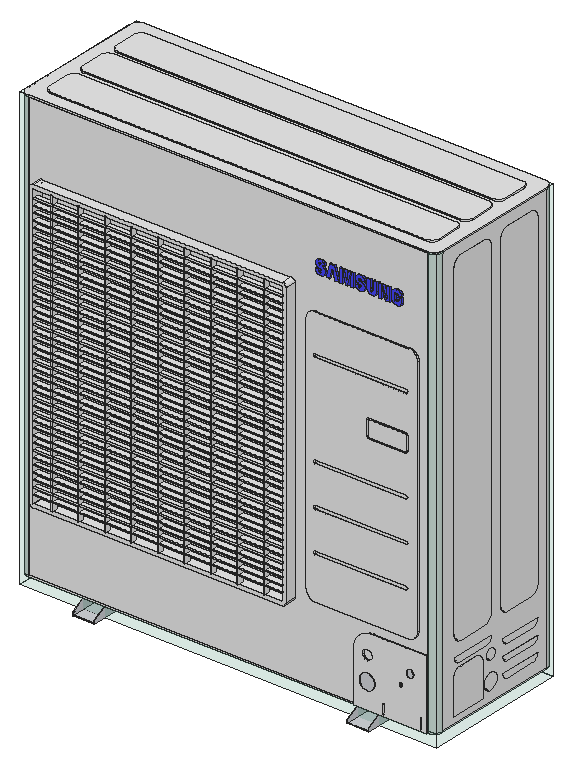
Revit family "EU_EHS_ODU_UB1", category Mechanical Equipment, Revit 2015
Parameters (values of type "9.00 kW, 220-240V, HEAT PUMP, SPLIT")
  Water Flow Rate(HEATING) [instance] = "0 LPM"
  Water Flow Rate(COOLING) [instance] = "0 LPM"
  Water Connection Radius [instance] = "0 Φ, mm"
  Voltage [instance] = "220-240 V"
  URL = "www.samsung.com"
  Total Heating Capacity [instance] = 9 kW
  Total Cooling Capacity [instance] = 8 kW
  System Served = "-"
  Subscribe for Update Alerts = "-"
  Sound Pressure(Cooling) [instance] = "50 dB(A)"
  Sound Power(Cooling) [instance] = "63 dB(A)"
  Simultaneous Cooling and Heating Efficiency(SCOP) [instance] = "0.00 SCOP"
  Serial Number = "-"
  Sales Rep Locator = "-"
  Refrigerant Type = "R410A"
  Refrigerant Suction Gas Connection Radius [instance] = Refrigerant Suction Gas Connection Diameter / 2  # 7.94 mm
  Refrigerant Suction Gas Connection Offset Left [instance] = 57.718 mm
  Refrigerant Suction Gas Connection Offset Bottom [instance] = 107.236 mm
  Refrigerant Suction Gas Connection Diameter [instance] = 15.88 mm
  Refrigerant Liquid Connection Radius [instance] = Refrigerant Liquid Connection Diameter / 2  # 3.175 mm
  Refrigerant Liquid Connection Offset Left [instance] = 78.473 mm
  Refrigerant Liquid Connection Offset Bottom [instance] = 77.701 mm
  Refrigerant Liquid Connection Diameter [instance] = 6.35 mm
  Refrigerant High Pressure Gas Connection Radius [instance] = Refrigerant High Pressure Gas Connection Diameter / 2  # 0.00 mm
  Refrigerant High Pressure Gas Connection Offset Bottom [instance] = 0.00 mm
  Refrigerant High Pressure Gas Connection Left [instance] = 0.00 mm
  Refrigerant High Pressure Gas Connection Diameter [instance] = 0.00 mm
  Refrigerant Charge [instance] = 1.70 kg
  Product Page URL = "-"
  Product Name [instance] = "EHS SPLIT"
  Product Documentation Link = "-"
  Power Input Heationg [instance] = 2.01 kW
  Power Input Cooling [instance] = 2.2 kW
  Power Connection Width [instance] = 157.007 mm
  Power Connection Radius [instance] = Power Connection Diameter / 2  # 17.25 mm
  Power Connection Offset Left [instance] = 154.432 mm
  Power Connection Offset Bottom [instance] = 57.196 mm
  Power Connection Height [instance] = 196.50 mm
  Power Connection Diameter [instance] = 34.50 mm
  Phase [instance] = "1/3"
  Operating Mode [instance] = "HEAT PUMP (A2W)"
  Number of poles [instance] = "-"
  Notes = "-"
  Net Weight = 68.00 kg
  Net Dimensions Width [instance] = 940.00 mm
  Net Dimensions Height [instance] = 998.00 mm
  Net Dimensions Depth [instance] = 330.00 mm
  Model = "AE090JXEDEH/EU"
  Minimum Circuit Ampere(MCA) [instance] = 22 A
  Maximum Vertical Refrigerant Pipe Length Below Unit [instance] = 0.00 mm
  Maximum Vertical Refrigerant Pipe Length Above Unit [instance] = 0.00 mm
  Maximum Rated Over Protection Device [instance] = "Fuse"
  Maximum Over Protection(MFA) [instance] = 27.5 A
  Max OperationPressure [instance] = "0 Mpa"
  Manufacturer Metadata = "-"
  Manufacturer = "SAMSUNG"
  Low Temperature Heating Standard Rating Capacity [instance] = 0 kW
  Low Temperature Coefficient of Performance [instance] = "-"
  Location = "-"
  Length of Interconnecting Refrigerant Pipe [instance] = 0.00 mm
  Integrated Energy Efficiency Ratio(SEER) [instance] = "0.00 SEER"
  High Temperature Cooling Standard Rating Capacity [instance] = 0 kW
  High Temperature Coefficient of Performance [instance] = "-"
  Friction Head Loss [instance] = "0 kPa"
  Frequency [instance] = "50 Hz"
  Free Content Downloads = "-"
  Fan Grill Length = 580.00 mm
  Fan Grill Height = 653.882 mm
  Family Load Status [instance] = "Valid - Type loaded via type catalog"
  External Static Pressure [instance] = "0.00 mmAq"
  Equipment Finish [instance] = Ivory
  Energy Efficiency Rating [instance] = "3.64 EER"
  Discharge Air Flow [instance] = "66 CMM"
  Designation = ""
  Design Ambient Winter Wet Bulb Temperature [instance] = 6 °C
  Design Ambient Winter Dry Bulb Temperature [instance] = 7 °C
  Design Ambient Summer Dry Bulb Temperature [instance] = 35 °C
  Design Ambient Heating Water Outlet Temperature [instance] = "0 ℃"
  Design Ambient Heating Water Inlet Temperature [instance] = "0 ℃"
  Design Ambient Cooling Water Outlet Temperature [instance] = "0 ℃"
  Design Ambient Cooling Water Inlet Temperature [instance] = "0 ℃"
  Current Input Heating [instance] = 9.2 A
  Current Input Cooling [instance] = 10.1 A
  Condenser Type [instance] = ""
  Compressor Type [instance] = "BLDC Twin Rotary"
  Combination Ratio [instance] = "0 %"
  Coefficient of Performance [instance] = "4.48 COP"
  Clearance Value Instructions [instance] = "Enter clearance values based on project installation conditions using the relevant technical data book"
  Clearance Type [instance] = Include Clearance : Include Clearance
  Clearance Offset Top [instance] = 0.00 mm
  Clearance Offset Right [instance] = 0.00 mm
  Clearance Offset Left [instance] = 0.00 mm
  Clearance Offset Front [instance] = 0.00 mm
  Clearance Offset Back [instance] = 0.00 mm
  Air Filter [instance] = ""
  Actual Vertical Refrigerant Pipe Length Below Unit [instance] = 50.00 mm
  Actual Vertical Refrigerant Pipe Length Above Unit [instance] = 50.00 mm
Reference planes
  plane 1 "Center (Front/Back)": y = 0
  plane 2 "base": z = 0
  plane 3 "Center (Left/Right)": x = 0
  plane 4: x = -470
  plane 5: x = 470
  plane 6: y = 165
  plane 7: y = -165
  plane 8: z = 998
  plane 9: z = 24.304
  plane 10: x = -429.611
  plane 11: z = 184.256
  plane 12: z = 838.138
  plane 13: x = 150.389
  plane 14: x = -139.611
  plane 15: z = 511.197
  plane 16: x = 315.5
  plane 17: z = 81.5
  plane 18: x = 391.527
  plane 19: z = 102.005
  plane 20: x = 412.282
  plane 21: z = 131.54
  plane 22: y = 64.174
  plane 23: y = 129.945
  plane 24: x = -140.14
  plane 25: y = 129.945
  plane 26: x = 77.697
  plane 27: x = 450.95
  plane 28: x = -450.95
  plane 29: y = 145.95
  plane 30: y = -145.95
Forms (mm)
  Extrusion 1, solid
    sketch origin (0, 0, 0) x (1, 0, 0) y (0, 0, 1)
      loop
        circle (315.473, 81.5) r 17.25
    from 167.581 to 0
  Extrusion 2, solid
    sketch origin (0, 0, 0) x (1, 0, 0) y (0, 0, 1)
      loop
        circle (391.527, 102.005) r 3.175
    from 167.581 to 0
  Extrusion 3, solid
    sketch origin (0, 0, 0) x (1, 0, 0) y (0, 0, 1)
      loop
        circle (412.282, 131.54) r 7.94
    from 167.581 to 0
  Extrusion 4, solid, material "Ivory"
    sketch origin (0, -180, 0) x (-1, 0, 0) y (0, 0, 1)
      loop
        arc (-404.473, 705.26) -> (-408.968, 700.765) -> (-404.473, 696.27) r 4.495
        line (-404.473, 696.27) -> (-200.2, 696.27)
        arc (-200.2, 696.27) -> (-195.705, 700.765) -> (-200.2, 705.26) r 4.495
        line (-200.2, 705.26) -> (-404.473, 705.26)
      loop
        arc (-404.473, 490.23) -> (-408.968, 485.735) -> (-404.473, 481.24) r 4.495
        line (-404.473, 481.24) -> (-200.2, 481.24)
        arc (-200.2, 481.24) -> (-195.705, 485.735) -> (-200.2, 490.23) r 4.495
        line (-200.2, 490.23) -> (-404.473, 490.23)
      loop
        arc (-404.473, 398.24) -> (-408.968, 393.745) -> (-404.473, 389.251) r 4.495
        line (-404.473, 389.251) -> (-200.2, 389.251)
        arc (-200.2, 389.251) -> (-195.705, 393.745) -> (-200.2, 398.24) r 4.495
        line (-200.2, 398.24) -> (-404.473, 398.24)
      loop
        arc (-404.473, 306.251) -> (-408.968, 301.756) -> (-404.473, 297.261) r 4.495
        line (-404.473, 297.261) -> (-200.2, 297.261)
        arc (-200.2, 297.261) -> (-195.705, 301.756) -> (-200.2, 306.251) r 4.495
        line (-200.2, 306.251) -> (-404.473, 306.251)
      loop
        line (-322.243, 618.283) -> (-402.197, 618.283)
        arc (-402.197, 618.283) -> (-406.985, 616.3) -> (-408.968, 611.513) r 6.77
        line (-408.968, 611.513) -> (-408.968, 580.09)
        arc (-408.968, 580.09) -> (-406.967, 575.261) -> (-402.137, 573.26) r 6.83
        line (-402.137, 573.26) -> (-322.17, 573.26)
        arc (-322.17, 573.26) -> (-317.47, 575.207) -> (-315.523, 579.907) r 6.647
        line (-315.523, 579.907) -> (-315.523, 611.563)
        arc (-315.523, 611.563) -> (-317.491, 616.315) -> (-322.243, 618.283) r 6.72
      loop
        arc (-402.197, 614.5) -> (-404.319, 613.621) -> (-405.197, 611.5) r 3
        line (-405.197, 611.5) -> (-405.197, 580)
        arc (-405.197, 580) -> (-404.319, 577.879) -> (-402.197, 577) r 3
        line (-402.197, 577) -> (-322.224, 577)
        arc (-322.224, 577) -> (-320.103, 577.879) -> (-319.224, 580) r 3
        line (-319.224, 580) -> (-319.224, 611.5)
        arc (-319.224, 611.5) -> (-320.103, 613.621) -> (-322.224, 614.5) r 3
        line (-322.224, 614.5) -> (-402.197, 614.5)
      loop
        arc (-409.973, 789.17) -> (-424.277, 783.245) -> (-430.202, 768.941) r 20.229
        line (-430.202, 768.941) -> (-430.202, 222.831)
        arc (-430.202, 222.831) -> (-424.277, 208.527) -> (-409.973, 202.602) r 20.229
        line (-409.973, 202.602) -> (-197.7, 202.602)
        arc (-197.7, 202.602) -> (-183.71, 208.396) -> (-177.915, 222.386) r 19.785
        line (-177.915, 222.386) -> (-177.915, 769.386)
        arc (-177.915, 769.386) -> (-183.71, 783.376) -> (-197.7, 789.17) r 19.785
        line (-197.7, 789.17) -> (-409.973, 789.17)
    from 12.419 to 15
  Extrusion 5, solid
    sketch origin (0, 0, 0) x (0, 1, 0) y (0, 0, 1)
      loop
        line (-192.236, 0) -> (192.236, 0) -> (192.236, 6.35) -> (158.469, 24.304) -> (-158.469, 24.304) -> (-192.236, 6.35) -> (-192.236, 0)
    from 339.973 to 338.373
  Extrusion 6, solid
    sketch origin (-48.4, 0, 0) x (0, 1, 0) y (0, 0, 1)
      loop
        line (-192.236, 0) -> (192.236, 0) -> (192.236, 6.35) -> (158.469, 24.304) -> (-158.469, 24.304) -> (-192.236, 6.35) -> (-192.236, 0)
    from 339.973 to 338.373
  Extrusion 7, solid
    sketch origin (0, 0, 0) x (1, 0, 0) y (0, 1, 0)
      loop
        line (291.573, -192.236) -> (338.373, -192.236) -> (338.373, 192.236) -> (291.573, 192.236) -> (291.573, -192.236)
    from 1.6 to 0
  Extrusion 8, solid, material "Ivory"
    sketch origin (0, 0, 0) x (1, 0, 0) y (0, 1, 0)
      loop
        arc (-439.786, 68.327) -> (-435.071, 56.943) -> (-423.687, 52.227) r 16.1
        line (-423.687, 52.227) -> (423.687, 52.227)
        arc (423.687, 52.227) -> (435.071, 56.943) -> (439.786, 68.327) r 16.1
        line (439.786, 68.327) -> (439.786, 118.408)
        arc (439.786, 118.408) -> (435.071, 129.793) -> (423.687, 134.508) r 16.1
        line (423.687, 134.508) -> (-423.687, 134.508)
        arc (-423.687, 134.508) -> (-435.071, 129.793) -> (-439.786, 118.408) r 16.1
        line (-439.786, 118.408) -> (-439.786, 68.327)
      loop
        arc (-439.786, -25.401) -> (-435.071, -36.786) -> (-423.687, -41.501) r 16.1
        line (-423.687, -41.501) -> (423.687, -41.501)
        arc (423.687, -41.501) -> (435.071, -36.786) -> (439.786, -25.401) r 16.1
        line (439.786, -25.401) -> (439.786, 24.653)
        arc (439.786, 24.653) -> (435.071, 36.037) -> (423.687, 40.753) r 16.1
        line (423.687, 40.753) -> (-423.687, 40.753)
        arc (-423.687, 40.753) -> (-435.071, 36.037) -> (-439.786, 24.653) r 16.1
        line (-439.786, 24.653) -> (-439.786, -25.401)
      loop
        arc (-439.786, -119.157) -> (-435.071, -130.541) -> (-423.687, -135.256) r 16.1
        line (-423.687, -135.256) -> (423.687, -135.256)
        arc (423.687, -135.256) -> (435.071, -130.541) -> (439.786, -119.157) r 16.1
        line (439.786, -119.157) -> (439.786, -69.075)
        arc (439.786, -69.075) -> (435.071, -57.691) -> (423.687, -52.975) r 16.1
        line (423.687, -52.975) -> (-423.687, -52.975)
        arc (-423.687, -52.975) -> (-435.071, -57.691) -> (-439.786, -69.075) r 16.1
        line (-439.786, -69.075) -> (-439.786, -119.157)
    from 1000.3 to 998
  Extrusion 9, solid, material "Ivory"
    sketch origin (0, 0, 0) x (1, 0, 0) y (0, 1, 0)
      loop
        line (-450.95, 145.95) -> (-450.95, 165)
        arc (-450.95, 165) -> (-464.42, 159.42) -> (-470, 145.95) r 19.05
        line (-470, 145.95) -> (-450.95, 145.95)
      loop
        line (450.95, 145.95) -> (470, 145.95)
        arc (470, 145.95) -> (464.42, 159.42) -> (450.95, 165) r 19.05
        line (450.95, 165) -> (450.95, 145.95)
      loop
        line (-450.95, -145.95) -> (-470, -145.95)
        arc (-470, -145.95) -> (-464.42, -159.42) -> (-450.95, -165) r 19.05
        line (-450.95, -165) -> (-450.95, -145.95)
      loop
        line (450.95, -145.95) -> (450.95, -165)
        arc (450.95, -165) -> (464.42, -159.42) -> (470, -145.95) r 19.05
        line (470, -145.95) -> (450.95, -145.95)
    from 995.46 to 26.844
  Extrusion 10, solid
    sketch origin (-620, 0, 0) x (0, 1, 0) y (0, 0, 1)
      loop
        line (-192.236, 0) -> (192.236, 0) -> (192.236, 6.35) -> (158.469, 24.304) -> (-158.469, 24.304) -> (-192.236, 6.35) -> (-192.236, 0)
    from 340.027 to 338.427
  Extrusion 11, solid
    sketch origin (-668.4, 0, 0) x (0, 1, 0) y (0, 0, 1)
      loop
        line (-192.236, 0) -> (192.236, 0) -> (192.236, 6.35) -> (158.469, 24.304) -> (-158.469, 24.304) -> (-192.236, 6.35) -> (-192.236, 0)
    from 340.027 to 338.427
  Extrusion 12, solid
    sketch origin (-620, 0, 0) x (1, 0, 0) y (0, 1, 0)
      loop
        line (291.627, -192.236) -> (338.427, -192.236) -> (338.427, 192.236) -> (291.627, 192.236) -> (291.627, -192.236)
    from 1.6 to 0
  Extrusion 13, solid, material "Ivory"
    sketch origin (0, 0, 0) x (1, 0, 0) y (0, 1, 0)
      loop
        arc (470, 145.95) -> (464.42, 159.42) -> (450.95, 165) r 19.05
        line (450.95, 165) -> (-450.95, 165)
        arc (-450.95, 165) -> (-464.42, 159.42) -> (-470, 145.95) r 19.05
        line (-470, 145.95) -> (-470, -145.95)
        arc (-470, -145.95) -> (-464.42, -159.42) -> (-450.95, -165) r 19.05
        line (-450.95, -165) -> (450.95, -165)
        arc (450.95, -165) -> (464.42, -159.42) -> (470, -145.95) r 19.05
        line (470, -145.95) -> (470, 145.95)
    from 24.304 to 26.844
  Extrusion 14, solid, material "Ivory"
    sketch origin (0, 0, 0) x (1, 0, 0) y (0, 1, 0)
      loop
        arc (470, 145.95) -> (464.42, 159.42) -> (450.95, 165) r 19.05
        line (450.95, 165) -> (-450.95, 165)
        arc (-450.95, 165) -> (-464.42, 159.42) -> (-470, 145.95) r 19.05
        line (-470, 145.95) -> (-470, -145.95)
        arc (-470, -145.95) -> (-464.42, -159.42) -> (-450.95, -165) r 19.05
        line (-450.95, -165) -> (450.95, -165)
        arc (450.95, -165) -> (464.42, -159.42) -> (470, -145.95) r 19.05
        line (470, -145.95) -> (470, 145.95)
    from 995.46 to 998
  Extrusion 15, solid, material "Body2"
    sketch origin (0, 0, 0) x (1, 0, 0) y (0, 1, 0)
      loop
        arc (-349.35, 145.95) -> (-421.192, 116.192) -> (-450.95, 44.35) r 101.6
        line (-450.95, 44.35) -> (-450.95, -44.35)
        arc (-450.95, -44.35) -> (-421.192, -116.192) -> (-349.35, -145.95) r 101.6
        line (-349.35, -145.95) -> (349.35, -145.95)
        arc (349.35, -145.95) -> (421.192, -116.192) -> (450.95, -44.35) r 101.6
        line (450.95, -44.35) -> (450.95, 44.35)
        arc (450.95, 44.35) -> (421.192, 116.192) -> (349.35, 145.95) r 101.6
        line (349.35, 145.95) -> (-349.35, 145.95)
    from 995.46 to 26.844
  Extrusion 16, solid, material "Ivory"
    sketch origin (0, 0, 0) x (1, 0, 0) y (0, 1, 0)
      loop
        line (-450.95, -165) -> (450.95, -165) -> (450.95, -159.078) -> (-450.95, -159.078) -> (-450.95, -165)
    from 995.46 to 26.844
  Extrusion 17, solid, material "Ivory"
    sketch origin (0, 324.024, 0) x (1, 0, 0) y (0, 1, 0)
      loop
        line (-450.95, -164.946) -> (-390.388, -164.946) -> (-390.388, -159.024) -> (-450.95, -159.024) -> (-450.95, -164.946)
      loop
        line (450.95, -159.024) -> (281.95, -159.024) -> (281.95, -164.946) -> (450.95, -164.946) -> (450.95, -159.024)
    from 995.46 to 26.844
  Extrusion 18, solid, material "Ivory"
    sketch origin (0, 0, 0) x (1, 0, 0) y (0, 1, 0)
      loop
        line (470, 145.95) -> (464.356, 145.95) -> (464.356, -145.95) -> (470, -145.95) -> (470, 145.95)
    from 995.46 to 26.844
  Extrusion 19, solid, material "Ivory"
    sketch origin (0, 0, 0) x (0, 1, 0) y (0, 0, 1)
      loop
        arc (20.26, 140.55) -> (24.145, 131.169) -> (33.526, 127.284) r 13.265
        line (33.526, 127.284) -> (103.522, 127.284)
        arc (103.522, 127.284) -> (112.904, 131.169) -> (116.791, 140.55) r 13.269
        line (116.791, 140.55) -> (20.26, 140.55)
      loop
        arc (20.26, 105.55) -> (24.145, 96.169) -> (33.526, 92.284) r 13.265
        line (33.526, 92.284) -> (103.522, 92.284)
        arc (103.522, 92.284) -> (112.904, 96.169) -> (116.791, 105.55) r 13.269
        line (116.791, 105.55) -> (20.26, 105.55)
      loop
        arc (20.26, 70.55) -> (24.145, 61.169) -> (33.526, 57.284) r 13.265
        line (33.526, 57.284) -> (103.522, 57.284)
        arc (103.522, 57.284) -> (112.904, 61.169) -> (116.791, 70.55) r 13.269
        line (116.791, 70.55) -> (20.26, 70.55)
      loop
        arc (-116.057, 162.05) -> (-112.172, 152.669) -> (-102.791, 148.784) r 13.265
        line (-102.791, 148.784) -> (-27.768, 148.784)
        arc (-27.768, 148.784) -> (-18.386, 152.669) -> (-14.499, 162.05) r 13.269
        line (-14.499, 162.05) -> (-116.057, 162.05)
      loop
        arc (-102.791, 139.45) -> (-113.398, 135.057) -> (-117.791, 124.45) r 15
        line (-117.791, 124.45) -> (-117.791, 44.45) -> (-37.772, 44.45) -> (-37.772, 119.45)
        arc (-37.772, 119.45) -> (-43.629, 133.592) -> (-57.772, 139.45) r 20
        line (-57.772, 139.45) -> (-102.791, 139.45)
      loop
        circle (-14.764, 125.55) r 11.1
      loop
        circle (-14.764, 70.55) r 17.269
      loop
        line (-97.562, 191.207) -> (-34.235, 191.207)
        arc (-34.235, 191.207) -> (-19.931, 197.132) -> (-14.006, 211.436) r 20.229
        line (-14.006, 211.436) -> (-14.006, 950.993)
        arc (-14.006, 950.993) -> (-19.931, 965.297) -> (-34.235, 971.222) r 20.229
        line (-34.235, 971.222) -> (-97.562, 971.222)
        arc (-97.562, 971.222) -> (-111.866, 965.297) -> (-117.791, 950.993) r 20.229
        line (-117.791, 950.993) -> (-117.791, 211.436)
        arc (-117.791, 211.436) -> (-111.866, 197.132) -> (-97.562, 191.207) r 20.229
      loop
        line (34.199, 191.207) -> (97.526, 191.207)
        arc (97.526, 191.207) -> (111.83, 197.132) -> (117.755, 211.436) r 20.229
        line (117.755, 211.436) -> (117.755, 950.966)
        arc (117.755, 950.966) -> (111.823, 965.29) -> (97.499, 971.222) r 20.256
        line (97.499, 971.222) -> (34.199, 971.222)
        arc (34.199, 971.222) -> (19.895, 965.297) -> (13.97, 950.993) r 20.229
        line (13.97, 950.993) -> (13.97, 211.436)
        arc (13.97, 211.436) -> (19.895, 197.132) -> (34.199, 191.207) r 20.229
    from 472.54 to 470
  Extrusion 20, solid, material "Ivory"
    sketch origin (0, 0, 0) x (0, 1, 0) y (0, 0, 1)
      loop
        line (145.95, 995.46) -> (-145.95, 995.46) -> (-145.95, 26.844) -> (145.95, 26.844) -> (145.95, 995.46)
      loop
        arc (39.564, 982.703) -> (32.118, 979.619) -> (29.034, 972.174) r 10.53
        line (29.034, 972.174) -> (29.034, 943.362)
        arc (29.034, 943.362) -> (32.118, 935.917) -> (39.564, 932.833) r 10.53
        line (39.564, 932.833) -> (122.111, 932.833)
        arc (122.111, 932.833) -> (129.557, 935.917) -> (132.641, 943.362) r 10.53
        line (132.641, 943.362) -> (132.641, 972.174)
        arc (132.641, 972.174) -> (129.557, 979.619) -> (122.111, 982.703) r 10.53
        line (122.111, 982.703) -> (39.564, 982.703)
      loop
        arc (-78.97, 982.703) -> (-86.415, 979.619) -> (-89.499, 972.174) r 10.53
        line (-89.499, 972.174) -> (-89.499, 943.362)
        arc (-89.499, 943.362) -> (-86.415, 935.917) -> (-78.97, 932.833) r 10.53
        line (-78.97, 932.833) -> (3.605, 932.833)
        arc (3.605, 932.833) -> (11.05, 935.917) -> (14.134, 943.362) r 10.53
        line (14.134, 943.362) -> (14.134, 972.174)
        arc (14.134, 972.174) -> (11.05, 979.619) -> (3.605, 982.703) r 10.53
        line (3.605, 982.703) -> (-78.97, 982.703)
      loop
        arc (39.564, 917.933) -> (32.118, 914.849) -> (29.034, 907.403) r 10.53
        line (29.034, 907.403) -> (29.034, 868.861)
        arc (29.034, 868.861) -> (32.118, 861.416) -> (39.564, 858.332) r 10.53
        line (39.564, 858.332) -> (122.111, 858.332)
        arc (122.111, 858.332) -> (129.557, 861.416) -> (132.641, 868.861) r 10.53
        line (132.641, 868.861) -> (132.641, 907.403)
        arc (132.641, 907.403) -> (129.557, 914.849) -> (122.111, 917.933) r 10.53
        line (122.111, 917.933) -> (39.564, 917.933)
      loop
        arc (-78.97, 917.933) -> (-86.415, 914.849) -> (-89.499, 907.403) r 10.53
        line (-89.499, 907.403) -> (-89.499, 868.861)
        arc (-89.499, 868.861) -> (-86.415, 861.416) -> (-78.97, 858.332) r 10.53
        line (-78.97, 858.332) -> (3.605, 858.332)
        arc (3.605, 858.332) -> (11.05, 861.416) -> (14.134, 868.861) r 10.53
        line (14.134, 868.861) -> (14.134, 907.403)
        arc (14.134, 907.403) -> (11.05, 914.849) -> (3.605, 917.933) r 10.53
        line (3.605, 917.933) -> (-78.97, 917.933)
      loop
        arc (39.564, 843.431) -> (32.118, 840.347) -> (29.034, 832.902) r 10.53
        line (29.034, 832.902) -> (29.034, 794.36)
        arc (29.034, 794.36) -> (32.118, 786.914) -> (39.564, 783.83) r 10.53
        line (39.564, 783.83) -> (122.111, 783.83)
        arc (122.111, 783.83) -> (129.557, 786.914) -> (132.641, 794.36) r 10.53
        line (132.641, 794.36) -> (132.641, 832.902)
        arc (132.641, 832.902) -> (129.557, 840.347) -> (122.111, 843.431) r 10.53
        line (122.111, 843.431) -> (39.564, 843.431)
      loop
        arc (-78.97, 843.431) -> (-86.415, 840.347) -> (-89.499, 832.902) r 10.53
        line (-89.499, 832.902) -> (-89.499, 794.36)
        arc (-89.499, 794.36) -> (-86.415, 786.914) -> (-78.97, 783.83) r 10.53
        line (-78.97, 783.83) -> (3.605, 783.83)
        arc (3.605, 783.83) -> (11.05, 786.914) -> (14.134, 794.36) r 10.53
        line (14.134, 794.36) -> (14.134, 832.902)
        arc (14.134, 832.902) -> (11.05, 840.347) -> (3.605, 843.431) r 10.53
        line (3.605, 843.431) -> (-78.97, 843.431)
      loop
        arc (39.564, 768.93) -> (32.118, 765.846) -> (29.034, 758.401) r 10.53
        line (29.034, 758.401) -> (29.034, 719.859)
        arc (29.034, 719.859) -> (32.118, 712.413) -> (39.564, 709.329) r 10.53
        line (39.564, 709.329) -> (122.111, 709.329)
        arc (122.111, 709.329) -> (129.557, 712.413) -> (132.641, 719.859) r 10.53
        line (132.641, 719.859) -> (132.641, 758.401)
        arc (132.641, 758.401) -> (129.557, 765.846) -> (122.111, 768.93) r 10.53
        line (122.111, 768.93) -> (39.564, 768.93)
      loop
        arc (-78.97, 768.93) -> (-86.415, 765.846) -> (-89.499, 758.401) r 10.53
        line (-89.499, 758.401) -> (-89.499, 719.859)
        arc (-89.499, 719.859) -> (-86.415, 712.413) -> (-78.97, 709.329) r 10.53
        line (-78.97, 709.329) -> (3.605, 709.329)
        arc (3.605, 709.329) -> (11.05, 712.413) -> (14.134, 719.859) r 10.53
        line (14.134, 719.859) -> (14.134, 758.401)
        arc (14.134, 758.401) -> (11.05, 765.846) -> (3.605, 768.93) r 10.53
        line (3.605, 768.93) -> (-78.97, 768.93)
      loop
        arc (39.564, 694.429) -> (32.118, 691.345) -> (29.034, 683.899) r 10.53
        line (29.034, 683.899) -> (29.034, 645.357)
        arc (29.034, 645.357) -> (32.118, 637.912) -> (39.564, 634.828) r 10.53
        line (39.564, 634.828) -> (122.111, 634.828)
        arc (122.111, 634.828) -> (129.557, 637.912) -> (132.641, 645.357) r 10.53
        line (132.641, 645.357) -> (132.641, 683.899)
        arc (132.641, 683.899) -> (129.557, 691.345) -> (122.111, 694.429) r 10.53
        line (122.111, 694.429) -> (39.564, 694.429)
      loop
        arc (-78.97, 694.429) -> (-86.415, 691.345) -> (-89.499, 683.899) r 10.53
        line (-89.499, 683.899) -> (-89.499, 645.357)
        arc (-89.499, 645.357) -> (-86.415, 637.912) -> (-78.97, 634.828) r 10.53
        line (-78.97, 634.828) -> (3.605, 634.828)
        arc (3.605, 634.828) -> (11.05, 637.912) -> (14.134, 645.357) r 10.53
        line (14.134, 645.357) -> (14.134, 683.899)
        arc (14.134, 683.899) -> (11.05, 691.345) -> (3.605, 694.429) r 10.53
        line (3.605, 694.429) -> (-78.97, 694.429)
      loop
        arc (39.564, 619.927) -> (32.118, 616.843) -> (29.034, 609.398) r 10.53
        line (29.034, 609.398) -> (29.034, 570.856)
        arc (29.034, 570.856) -> (32.118, 563.41) -> (39.564, 560.326) r 10.53
        line (39.564, 560.326) -> (122.111, 560.326)
        arc (122.111, 560.326) -> (129.557, 563.41) -> (132.641, 570.856) r 10.53
        line (132.641, 570.856) -> (132.641, 609.398)
        arc (132.641, 609.398) -> (129.557, 616.843) -> (122.111, 619.927) r 10.53
        line (122.111, 619.927) -> (39.564, 619.927)
      loop
        arc (-78.97, 619.927) -> (-86.415, 616.843) -> (-89.499, 609.398) r 10.53
        line (-89.499, 609.398) -> (-89.499, 570.856)
        arc (-89.499, 570.856) -> (-86.415, 563.41) -> (-78.97, 560.326) r 10.53
        line (-78.97, 560.326) -> (3.605, 560.326)
        arc (3.605, 560.326) -> (11.05, 563.41) -> (14.134, 570.856) r 10.53
        line (14.134, 570.856) -> (14.134, 609.398)
        arc (14.134, 609.398) -> (11.05, 616.843) -> (3.605, 619.927) r 10.53
        line (3.605, 619.927) -> (-78.97, 619.927)
      loop
        arc (39.564, 545.426) -> (32.118, 542.342) -> (29.034, 534.897) r 10.53
        line (29.034, 534.897) -> (29.034, 496.355)
        arc (29.034, 496.355) -> (32.118, 488.909) -> (39.564, 485.825) r 10.53
        line (39.564, 485.825) -> (122.111, 485.825)
        arc (122.111, 485.825) -> (129.557, 488.909) -> (132.641, 496.355) r 10.53
        line (132.641, 496.355) -> (132.641, 534.897)
        arc (132.641, 534.897) -> (129.557, 542.342) -> (122.111, 545.426) r 10.53
        line (122.111, 545.426) -> (39.564, 545.426)
      loop
        arc (-78.97, 545.426) -> (-86.415, 542.342) -> (-89.499, 534.897) r 10.53
        line (-89.499, 534.897) -> (-89.499, 496.355)
        arc (-89.499, 496.355) -> (-86.415, 488.909) -> (-78.97, 485.825) r 10.53
        line (-78.97, 485.825) -> (3.605, 485.825)
        arc (3.605, 485.825) -> (11.05, 488.909) -> (14.134, 496.355) r 10.53
        line (14.134, 496.355) -> (14.134, 534.897)
        arc (14.134, 534.897) -> (11.05, 542.342) -> (3.605, 545.426) r 10.53
        line (3.605, 545.426) -> (-78.97, 545.426)
      loop
        arc (39.564, 470.925) -> (32.118, 467.841) -> (29.034, 460.395) r 10.53
        line (29.034, 460.395) -> (29.034, 421.853)
        arc (29.034, 421.853) -> (32.118, 414.408) -> (39.564, 411.324) r 10.53
        line (39.564, 411.324) -> (122.111, 411.324)
        arc (122.111, 411.324) -> (129.557, 414.408) -> (132.641, 421.853) r 10.53
        line (132.641, 421.853) -> (132.641, 460.395)
        arc (132.641, 460.395) -> (129.557, 467.841) -> (122.111, 470.925) r 10.53
        line (122.111, 470.925) -> (39.564, 470.925)
      loop
        arc (-78.97, 470.925) -> (-86.415, 467.841) -> (-89.499, 460.395) r 10.53
        line (-89.499, 460.395) -> (-89.499, 421.853)
        arc (-89.499, 421.853) -> (-86.415, 414.408) -> (-78.97, 411.324) r 10.53
        line (-78.97, 411.324) -> (3.605, 411.324)
        arc (3.605, 411.324) -> (11.05, 414.408) -> (14.134, 421.853) r 10.53
        line (14.134, 421.853) -> (14.134, 460.395)
        arc (14.134, 460.395) -> (11.05, 467.841) -> (3.605, 470.925) r 10.53
        line (3.605, 470.925) -> (-78.97, 470.925)
      loop
        arc (39.564, 396.424) -> (32.118, 393.34) -> (29.034, 385.894) r 10.53
        line (29.034, 385.894) -> (29.034, 347.352)
        arc (29.034, 347.352) -> (32.118, 339.907) -> (39.564, 336.823) r 10.53
        line (39.564, 336.823) -> (122.111, 336.823)
        arc (122.111, 336.823) -> (129.557, 339.907) -> (132.641, 347.352) r 10.53
        line (132.641, 347.352) -> (132.641, 385.894)
        arc (132.641, 385.894) -> (129.557, 393.34) -> (122.111, 396.424) r 10.53
        line (122.111, 396.424) -> (39.564, 396.424)
      loop
        arc (-78.97, 396.424) -> (-86.415, 393.34) -> (-89.499, 385.894) r 10.53
        line (-89.499, 385.894) -> (-89.499, 347.352)
        arc (-89.499, 347.352) -> (-86.415, 339.907) -> (-78.97, 336.823) r 10.53
        line (-78.97, 336.823) -> (3.605, 336.823)
        arc (3.605, 336.823) -> (11.05, 339.907) -> (14.134, 347.352) r 10.53
        line (14.134, 347.352) -> (14.134, 385.894)
        arc (14.134, 385.894) -> (11.05, 393.34) -> (3.605, 396.424) r 10.53
        line (3.605, 396.424) -> (-78.97, 396.424)
      loop
        arc (39.564, 321.922) -> (32.118, 318.838) -> (29.034, 311.393) r 10.53
        line (29.034, 311.393) -> (29.034, 272.851)
        arc (29.034, 272.851) -> (32.118, 265.405) -> (39.564, 262.321) r 10.53
        line (39.564, 262.321) -> (122.111, 262.321)
        arc (122.111, 262.321) -> (129.557, 265.405) -> (132.641, 272.851) r 10.53
        line (132.641, 272.851) -> (132.641, 311.393)
        arc (132.641, 311.393) -> (129.557, 318.838) -> (122.111, 321.922) r 10.53
        line (122.111, 321.922) -> (39.564, 321.922)
      loop
        arc (-78.97, 321.922) -> (-86.415, 318.838) -> (-89.499, 311.393) r 10.53
        line (-89.499, 311.393) -> (-89.499, 272.851)
        arc (-89.499, 272.851) -> (-86.415, 265.405) -> (-78.97, 262.321) r 10.53
        line (-78.97, 262.321) -> (3.605, 262.321)
        arc (3.605, 262.321) -> (11.05, 265.405) -> (14.134, 272.851) r 10.53
        line (14.134, 272.851) -> (14.134, 311.393)
        arc (14.134, 311.393) -> (11.05, 318.838) -> (3.605, 321.922) r 10.53
        line (3.605, 321.922) -> (-78.97, 321.922)
      loop
        arc (39.564, 247.421) -> (32.118, 244.337) -> (29.034, 236.892) r 10.53
        line (29.034, 236.892) -> (29.034, 198.35)
        arc (29.034, 198.35) -> (32.118, 190.904) -> (39.564, 187.82) r 10.53
        line (39.564, 187.82) -> (122.111, 187.82)
        arc (122.111, 187.82) -> (129.557, 190.904) -> (132.641, 198.35) r 10.53
        line (132.641, 198.35) -> (132.641, 236.892)
        arc (132.641, 236.892) -> (129.557, 244.337) -> (122.111, 247.421) r 10.53
        line (122.111, 247.421) -> (39.564, 247.421)
      loop
        arc (-78.97, 247.421) -> (-86.415, 244.337) -> (-89.499, 236.892) r 10.53
        line (-89.499, 236.892) -> (-89.499, 198.35)
        arc (-89.499, 198.35) -> (-86.415, 190.904) -> (-78.97, 187.82) r 10.53
        line (-78.97, 187.82) -> (3.605, 187.82)
        arc (3.605, 187.82) -> (11.05, 190.904) -> (14.134, 198.35) r 10.53
        line (14.134, 198.35) -> (14.134, 236.892)
        arc (14.134, 236.892) -> (11.05, 244.337) -> (3.605, 247.421) r 10.53
        line (3.605, 247.421) -> (-78.97, 247.421)
      loop
        arc (39.564, 172.92) -> (32.118, 169.836) -> (29.034, 162.39) r 10.53
        line (29.034, 162.39) -> (29.034, 123.848)
        arc (29.034, 123.848) -> (32.118, 116.403) -> (39.564, 113.319) r 10.53
        line (39.564, 113.319) -> (122.111, 113.319)
        arc (122.111, 113.319) -> (129.557, 116.403) -> (132.641, 123.848) r 10.53
        line (132.641, 123.848) -> (132.641, 162.39)
        arc (132.641, 162.39) -> (129.557, 169.836) -> (122.111, 172.92) r 10.53
        line (122.111, 172.92) -> (39.564, 172.92)
      loop
        arc (-78.97, 172.92) -> (-86.415, 169.836) -> (-89.499, 162.39) r 10.53
        line (-89.499, 162.39) -> (-89.499, 123.848)
        arc (-89.499, 123.848) -> (-86.415, 116.403) -> (-78.97, 113.319) r 10.53
        line (-78.97, 113.319) -> (3.605, 113.319)
        arc (3.605, 113.319) -> (11.05, 116.403) -> (14.134, 123.848) r 10.53
        line (14.134, 123.848) -> (14.134, 162.39)
        arc (14.134, 162.39) -> (11.05, 169.836) -> (3.605, 172.92) r 10.53
        line (3.605, 172.92) -> (-78.97, 172.92)
      loop
        arc (39.564, 98.045) -> (32.118, 94.961) -> (29.034, 87.516) r 10.53
        line (29.034, 87.516) -> (29.034, 48.974)
        arc (29.034, 48.974) -> (32.118, 41.528) -> (39.564, 38.444) r 10.53
        line (39.564, 38.444) -> (122.111, 38.444)
        arc (122.111, 38.444) -> (129.557, 41.528) -> (132.641, 48.974) r 10.53
        line (132.641, 48.974) -> (132.641, 87.516)
        arc (132.641, 87.516) -> (129.557, 94.961) -> (122.111, 98.045) r 10.53
        line (122.111, 98.045) -> (39.564, 98.045)
      loop
        arc (-78.97, 98.045) -> (-86.415, 94.961) -> (-89.499, 87.516) r 10.53
        line (-89.499, 87.516) -> (-89.499, 48.974)
        arc (-89.499, 48.974) -> (-86.415, 41.528) -> (-78.97, 38.444) r 10.53
        line (-78.97, 38.444) -> (3.605, 38.444)
        arc (3.605, 38.444) -> (11.05, 41.528) -> (14.134, 48.974) r 10.53
        line (14.134, 48.974) -> (14.134, 87.516)
        arc (14.134, 87.516) -> (11.05, 94.961) -> (3.605, 98.045) r 10.53
        line (3.605, 98.045) -> (-78.97, 98.045)
    from -470 to -472.54
Dimensions and locks
  equal spacing: plane 4, plane 3 "Center (Left/Right)", plane 5
  "Net Dimensions Width": plane 4 to plane 5
  equal spacing: plane 6, plane 1 "Center (Front/Back)", plane 7
  "Net Dimensions Depth": plane 6 to plane 7
  locked: plane 9 to plane 2 "base" at 24.304
  "Fan Grill Length": plane 13 to plane 10
  "Fan Grill Height": plane 12 to plane 11
  equal spacing: plane 12, plane 15, plane 11
  equal spacing: plane 13, plane 14, plane 10
  "Power Connection Offset Bottom": plane 17 to plane 9
  "Refrigerant Liquid Connection Offset Bottom": plane 19 to plane 9
  "Refrigerant Liquid Connection Offset Left": plane 5 to plane 18
  "Refrigerant Suction Gas Connection Offset Bottom": plane 21 to plane 9
  "Refrigerant Suction Gas Connection Offset Left": plane 5 to plane 20
  locked: plane 7 to Extrusion 4 at 2.581
  "Net Dimensions Height": plane 8 to level
  Extrusion 8 to Extrusion 9 = 4.84 mm
  locked: Extrusion 13 to plane 9 at 2.54
  locked: plane 8 to Extrusion 14 at 2.54
  locked: plane 27 to plane 5 at 19.05
  locked: plane 4 to plane 28 at 19.05
  locked: plane 6 to plane 29 at 19.05
  locked: plane 30 to plane 7 at 19.05
  locked: plane 6 to Extrusion 8 sketch curve at 30.492
  locked: Extrusion 16 sketch curve to Extrusion 16 sketch curve at 5.922
  locked: Extrusion 17 sketch curve to Extrusion 17 sketch curve at 60.562
  locked: Extrusion 17 sketch curve to Extrusion 17 sketch curve at 169
  locked: Extrusion 17 sketch curve to Extrusion 17 sketch curve at 5.922
  locked: Extrusion 18 sketch curve to Extrusion 18 sketch curve at 5.644
  locked: Extrusion 19 to Extrusion 19 at 2.54
  locked: Extrusion 19 sketch curve to plane 6 at 47.245
  locked: Extrusion 20 to Extrusion 20 at 2.54
  locked: plane 5 to nested 2 at 102.578
  locked: plane 8 to nested 2 at 99.791
  locked: plane 27 to nested 1 at 166.677
  locked: Extrusion 8 to Extrusion 8 at 2.3
  locked: plane 5 to Extrusion 1 sketch curve at 154.527
  locked: Extrusion 11 to plane 4 at 140.027
  locked: Extrusion 11 to Extrusion 11 at 1.6
  locked: Extrusion 10 to Extrusion 11 at 46.8
  locked: Extrusion 10 to Extrusion 10 at 1.6
  locked: plane 5 to Extrusion 5 at 130.027
  locked: Extrusion 5 to Extrusion 5 at 1.6
  locked: Extrusion 6 to Extrusion 5 at 46.8
  locked: Extrusion 6 to Extrusion 6 at 1.6
  locked: plane 28 to Extrusion 8 sketch curve at 11.164  (x3)
  Extrusion 12 to Extrusion 12 = 384.472 mm
  "Power Connection Radius": radius of Extrusion 1 sketch curve
  "Refrigerant Suction Gas Connection Radius": radius of Extrusion 3 sketch curve
  "Refrigerant Liquid Connection Radius": radius of Extrusion 2 sketch curve
  radius of Extrusion 9 sketch curve = 19.05 mm  (x4)
  radius of Extrusion 15 sketch curve = 101.60 mm  (x4)
  radius of Extrusion 8 sketch curve = 16.10 mm  (x6)
  aligned and locked: level to plane 2 "base"
  aligned and locked: plane 7 to Extrusion 4
  aligned and locked: Extrusion 8 sketch curve to Extrusion 8 sketch curve  (x2)
  aligned and locked: Extrusion 13 to plane 9
  aligned and locked: plane 8 to Extrusion 14
  aligned and locked: Extrusion 9 to Extrusion 14
  aligned and locked: plane 28 to Extrusion 9 sketch curve
  aligned and locked: plane 29 to Extrusion 9 sketch curve
  aligned and locked: plane 30 to Extrusion 9 sketch curve
  aligned and locked: Extrusion 9 sketch curve to plane 28
  aligned and locked: Extrusion 9 sketch curve to plane 27
  aligned and locked: Extrusion 9 sketch curve to plane 30
  aligned and locked: plane 27 to Extrusion 9 sketch curve
  aligned and locked: Extrusion 9 sketch curve to plane 29
  aligned and locked: plane 28 to Extrusion 15 sketch curve
  aligned and locked: Extrusion 15 sketch curve to plane 29
  aligned and locked: plane 30 to Extrusion 15 sketch curve
  aligned and locked: Extrusion 15 sketch curve to plane 27
  aligned and locked: Extrusion 15 to Extrusion 13
  aligned and locked: Extrusion 9 to Extrusion 15
  aligned and locked: Extrusion 16 to Extrusion 9
  aligned and locked: plane 28 to Extrusion 16 sketch curve
  aligned and locked: Extrusion 16 sketch curve to plane 27
  aligned and locked: Extrusion 16 sketch curve to plane 7
  aligned and locked: plane 28 to Extrusion 17 sketch curve
  aligned and locked: Extrusion 17 sketch curve to plane 27
  aligned and locked: Extrusion 17 sketch curve to plane 6
  aligned and locked: Extrusion 17 sketch curve to Extrusion 17 sketch curve
  aligned and locked: plane 29 to Extrusion 18 sketch curve
  aligned and locked: plane 5 to Extrusion 18 sketch curve
  aligned and locked: Extrusion 18 sketch curve to plane 30
  aligned and locked: Extrusion 18 to Extrusion 14
  aligned and locked: Extrusion 9 to Extrusion 17
  aligned and locked: Extrusion 17 to Extrusion 13
  aligned and locked: Extrusion 18 to Extrusion 13
  aligned and locked: Extrusion 16 to Extrusion 13
  aligned and locked: Extrusion 19 to plane 5
  aligned and locked: Extrusion 9 to Extrusion 13
  aligned and locked: plane 4 to Extrusion 20
  aligned and locked: Extrusion 20 sketch curve to plane 29
  aligned and locked: plane 30 to Extrusion 20 sketch curve
  aligned and locked: Extrusion 14 to Extrusion 20 sketch curve
  aligned and locked: Extrusion 13 to Extrusion 20 sketch curve
  aligned and locked: nested 3 to plane 14
  aligned and locked: Extrusion 8 to plane 8
  aligned and locked: Extrusion 4 to Extrusion 1
  aligned and locked: Extrusion 1 to Extrusion 2
  aligned and locked: Extrusion 1 to Extrusion 3
  aligned and locked: Extrusion 12 sketch curve to Extrusion 11
  aligned and locked: Extrusion 12 sketch curve to Extrusion 10
  aligned and locked: Extrusion 7 sketch curve to Extrusion 5
  aligned and locked: Extrusion 7 sketch curve to Extrusion 6
  aligned and locked: plane 1 "Center (Front/Back)" to nested 4
  aligned and locked: plane 3 "Center (Left/Right)" to nested 4
Automatic sketch dimensions
  Extrusion 1 sketch curve to plane 17 = 0.00 mm
  Extrusion 2 sketch curve to plane 18 = 0.00 mm
  Extrusion 2 sketch curve to plane 19 = 0.00 mm
  Extrusion 3 sketch curve to plane 20 = 0.00 mm
  Extrusion 3 sketch curve to plane 21 = 0.00 mm
  Extrusion 4 sketch curve to plane 27 = 20.748 mm
  Extrusion 4 sketch curve to Extrusion 4 sketch curve = 20.229 mm  (x2)
  Extrusion 4 sketch curve to plane 11 = 18.346 mm
  Extrusion 4 sketch curve to plane 27 = 41.982 mm
  Extrusion 4 sketch curve to Extrusion 4 sketch curve = 3.77 mm
  Extrusion 4 sketch curve to plane 27 = 46.477 mm  (x4)
  Extrusion 4 sketch curve to Extrusion 4 sketch curve = 3.00 mm  (x2)
  Extrusion 4 sketch curve to Extrusion 4 sketch curve = 0.00 mm
  Extrusion 4 sketch curve to Extrusion 4 sketch curve = 0.06 mm
  plane 16 to Extrusion 4 sketch curve = 6.743 mm
  Extrusion 4 sketch curve to Extrusion 4 sketch curve = 0.018 mm
  plane 16 to Extrusion 4 sketch curve = 6.724 mm
  Extrusion 4 sketch curve to Extrusion 4 sketch curve = 0.054 mm
  Extrusion 4 sketch curve to Extrusion 4 sketch curve = 2.946 mm
  plane 16 to Extrusion 4 sketch curve = 0.023 mm
  plane 13 to Extrusion 4 sketch curve = 49.811 mm  (x4)
  Extrusion 4 sketch curve to plane 15 = 20.967 mm
  plane 13 to Extrusion 4 sketch curve = 47.311 mm  (x2)
  Extrusion 4 sketch curve to Extrusion 4 sketch curve = 19.785 mm
  Extrusion 4 sketch curve to Extrusion 4 sketch curve = 74.875 mm
  Extrusion 4 sketch curve to Extrusion 4 sketch curve = 4.495 mm  (x3)
  Extrusion 4 sketch curve to Extrusion 4 sketch curve = 83.00 mm
  Extrusion 4 sketch curve to Extrusion 4 sketch curve = 8.99 mm
  plane 15 to Extrusion 4 sketch curve = 62.064 mm
  Extrusion 4 sketch curve to Extrusion 4 sketch curve = 3.09 mm
  Extrusion 4 sketch curve to Extrusion 4 sketch curve = 31.50 mm
  Extrusion 4 sketch curve to Extrusion 4 sketch curve = 0.013 mm
  Extrusion 4 sketch curve to Extrusion 4 sketch curve = 77.988 mm
  Extrusion 4 sketch curve to Extrusion 4 sketch curve = 63.681 mm
  Extrusion 5 sketch curve to level = 0.00 mm
  Extrusion 5 sketch curve to plane 9 = 0.00 mm
  Extrusion 5 sketch curve to plane 7 = 27.236 mm
  plane 7 to Extrusion 5 sketch curve = 6.531 mm
  Extrusion 5 sketch curve to plane 6 = 6.531 mm
  plane 6 to Extrusion 5 sketch curve = 27.236 mm
  level to Extrusion 5 sketch curve = 6.35 mm  (x2)
  Extrusion 6 sketch curve to level = 0.00 mm
  Extrusion 6 sketch curve to plane 9 = 0.00 mm
  Extrusion 6 sketch curve to plane 7 = 27.236 mm
  plane 7 to Extrusion 6 sketch curve = 6.531 mm
  Extrusion 6 sketch curve to plane 6 = 6.531 mm
  plane 6 to Extrusion 6 sketch curve = 27.236 mm
  Extrusion 6 sketch curve to Extrusion 6 sketch curve = 6.35 mm  (x2)
  Extrusion 8 sketch curve to plane 27 = 27.263 mm  (x5)
  plane 22 to Extrusion 8 sketch curve = 4.153 mm
  Extrusion 8 sketch curve to Extrusion 8 sketch curve = 0.00 mm
  Extrusion 8 sketch curve to plane 27 = 11.164 mm
  Extrusion 8 sketch curve to Extrusion 8 sketch curve = 11.474 mm  (x2)
  plane 1 "Center (Front/Back)" to Extrusion 8 sketch curve = 25.401 mm
  plane 30 to Extrusion 8 sketch curve = 26.793 mm
  Extrusion 10 sketch curve to level = 0.00 mm
  Extrusion 10 sketch curve to plane 9 = 0.00 mm
  Extrusion 10 sketch curve to plane 7 = 27.236 mm
  plane 7 to Extrusion 10 sketch curve = 6.531 mm
  Extrusion 10 sketch curve to plane 6 = 6.531 mm
  plane 6 to Extrusion 10 sketch curve = 27.236 mm
  Extrusion 10 sketch curve to Extrusion 10 sketch curve = 6.35 mm  (x2)
  Extrusion 11 sketch curve to level = 0.00 mm
  Extrusion 11 sketch curve to plane 9 = 0.00 mm
  Extrusion 11 sketch curve to plane 7 = 27.236 mm
  plane 7 to Extrusion 11 sketch curve = 6.531 mm
  Extrusion 11 sketch curve to plane 6 = 6.531 mm
  plane 6 to Extrusion 11 sketch curve = 27.236 mm
  Extrusion 11 sketch curve to Extrusion 11 sketch curve = 6.35 mm  (x2)
  Extrusion 13 sketch curve to plane 4 = 0.00 mm
  Extrusion 13 sketch curve to plane 6 = 0.00 mm
  Extrusion 13 sketch curve to plane 28 = 0.00 mm  (x2)
  Extrusion 13 sketch curve to plane 7 = 0.00 mm
  Extrusion 13 sketch curve to plane 27 = 0.00 mm  (x2)
  Extrusion 13 sketch curve to plane 5 = 0.00 mm
  Extrusion 14 sketch curve to plane 4 = 0.00 mm
  Extrusion 14 sketch curve to plane 6 = 0.00 mm
  Extrusion 14 sketch curve to plane 28 = 0.00 mm  (x2)
  Extrusion 14 sketch curve to plane 7 = 0.00 mm
  Extrusion 14 sketch curve to plane 27 = 0.00 mm  (x2)
  Extrusion 14 sketch curve to plane 5 = 0.00 mm
  Extrusion 17 sketch curve to plane 6 = 0.00 mm
  level to Extrusion 19 sketch curve = 44.45 mm
  Extrusion 19 sketch curve to plane 1 "Center (Front/Back)" = 13.97 mm
  plane 1 "Center (Front/Back)" to Extrusion 19 sketch curve = 14.006 mm
  plane 1 "Center (Front/Back)" to Extrusion 19 sketch curve = 14.499 mm
  plane 9 to Extrusion 19 sketch curve = 46.246 mm  (x2)
  plane 1 "Center (Front/Back)" to Extrusion 19 sketch curve = 14.764 mm  (x2)
  Extrusion 19 sketch curve to plane 17 = 44.05 mm
  Extrusion 19 sketch curve to Extrusion 19 sketch curve = 13.269 mm  (x4)
  Extrusion 19 sketch curve to Extrusion 19 sketch curve = 20.229 mm  (x5)
  Extrusion 19 sketch curve to Extrusion 19 sketch curve = 23.007 mm
  Extrusion 19 sketch curve to plane 17 = 37.95 mm
  Extrusion 19 sketch curve to Extrusion 19 sketch curve = 20.00 mm
  plane 30 to Extrusion 19 sketch curve = 48.388 mm  (x2)
  plane 30 to Extrusion 19 sketch curve = 43.159 mm
  Extrusion 19 sketch curve to Extrusion 19 sketch curve = 0.00 mm  (x2)
  Extrusion 19 sketch curve to Extrusion 19 sketch curve = 13.265 mm  (x7)
  plane 30 to Extrusion 19 sketch curve = 28.159 mm  (x2)
  Extrusion 19 sketch curve to plane 1 "Center (Front/Back)" = 20.26 mm  (x3)
  plane 9 to Extrusion 19 sketch curve = 32.979 mm
  plane 22 to Extrusion 19 sketch curve = 33.325 mm
  plane 22 to Extrusion 19 sketch curve = 39.348 mm  (x2)
  Extrusion 19 sketch curve to Extrusion 19 sketch curve = 21.731 mm
  Extrusion 19 sketch curve to plane 17 = 45.784 mm
  Extrusion 19 sketch curve to plane 17 = 67.284 mm
  Extrusion 19 sketch curve to Extrusion 19 sketch curve = 29.158 mm
  Extrusion 19 sketch curve to plane 11 = 6.952 mm
  Extrusion 19 sketch curve to plane 8 = 47.007 mm  (x2)
  Extrusion 19 sketch curve to plane 1 "Center (Front/Back)" = 2.505 mm
  plane 11 to Extrusion 20 sketch curve = 21.865 mm  (x2)
  plane 30 to Extrusion 20 sketch curve = 56.451 mm  (x9)
  plane 12 to Extrusion 20 sketch curve = 43.778 mm  (x3)
  Extrusion 20 sketch curve to plane 15 = 50.801 mm  (x2)
  Extrusion 20 sketch curve to plane 8 = 25.826 mm  (x2)
  Extrusion 20 sketch curve to plane 15 = 14.842 mm
  Extrusion 20 sketch curve to Extrusion 20 sketch curve = 0.00 mm  (x11)
  Extrusion 20 sketch curve to Extrusion 20 sketch curve = 10.53 mm  (x62)
  Extrusion 20 sketch curve to plane 15 = 25.371 mm  (x2)
  Extrusion 20 sketch curve to plane 15 = 40.272 mm
  plane 17 to Extrusion 20 sketch curve = 43.056 mm
  Extrusion 20 sketch curve to plane 1 "Center (Front/Back)" = 3.605 mm  (x26)
  Extrusion 20 sketch curve to Extrusion 20 sketch curve = 14.90 mm  (x31)
  plane 17 to Extrusion 20 sketch curve = 32.526 mm
  Extrusion 20 sketch curve to plane 23 = 7.834 mm  (x26)
  plane 23 to Extrusion 20 sketch curve = 2.695 mm  (x13)
  Extrusion 20 sketch curve to Extrusion 20 sketch curve = 38.542 mm  (x11)
  Extrusion 20 sketch curve to Extrusion 20 sketch curve = 15.273 mm  (x2)
  Extrusion 20 sketch curve to Extrusion 20 sketch curve = 25.43 mm
  plane 12 to Extrusion 20 sketch curve = 5.236 mm
  Extrusion 12 sketch curve to plane 7 = 27.236 mm
  plane 6 to Extrusion 12 sketch curve = 27.236 mm
  Extrusion 7 sketch curve to plane 7 = 27.236 mm
  plane 6 to Extrusion 7 sketch curve = 27.236 mm
  radius of Extrusion 19 sketch curve = 11.10 mm
Nested families
  nested 1: "connection_cover(UB1)" at (284.273, -165, 24.304) x (1, 0, 0) z (0, -1, 0), type "connection_cover(UB1)"
  nested 2: "Samsung_CI" at (297.742, -165, 891.659) x (1, 0, 0) z (0, -1, 0), type "Samsung_CI"
  nested 3: "Fan Grill_Square" at (-139.611, -165, 511.197) x (-1, 0, 0) z (0, -1, 0), type "Fan Grill_Square"
  nested 4: "Include Clearance" at (0, 0, 0), type <- "Clearance Type", type "Include Clearance"
    with Equipment Finish none, Width 940.00 mm, Height 998.00 mm, Depth 330.00 mm
Connectors
  electrical at (315.473, -167.581, 81.5)
    settings: on Extrusion 1, index 1, voltage 208 V, apparent load 0 VA, apparent load phase1 0 VA, apparent load phase2 0 VA, apparent load phase3 0 VA, power factor 1, load classification "Other", number of poles 1, system type 31, power factor state 1, is connector primary yes, connector utility no, sub classification motor no, connector description ""
  piping at (391.527, -167.581, 102.005), diameter 6.35, driven by "Refrigerant Liquid Connection Radius"
    settings: on Extrusion 2, index 2, connector inside diameter 9.5 mm, connector length 0.00 mm, flow factor 0, pipe flow 0.0 L/s, pressure drop 0.00 Pa, fitting loss kfactor 0, connector angle 0.00°, fixture units 0, engagement length 0.00 mm, angle of deflection 0.00°, flow configuration 0, flow direction 0, fitting loss method 0, system type 19, joint type 0, gender type 0, connector reference index -1, connector utility 0, adjustable connector no, is connector primary yes, connector description ""
  piping at (412.282, -167.581, 131.54), diameter 15.88, driven by "Refrigerant Suction Gas Connection Radius"
    settings: on Extrusion 3, index 3, connector inside diameter 15.9 mm, connector length 0.00 mm, flow factor 0, pipe flow 0.0 L/s, pressure drop 0.00 Pa, fitting loss kfactor 0, connector angle 0.00°, fixture units 0, engagement length 0.00 mm, angle of deflection 0.00°, flow configuration 0, flow direction 0, fitting loss method 0, system type 19, joint type 0, gender type 0, connector reference index -1, connector utility 0, adjustable connector no, is connector primary no, connector description ""
Definition of nested family "connection_cover(UB1)"
  Parameters
    Default Elevation = 1219.20 mm
  Reference planes
    plane 1 "중심(앞/뒤)": y = 0
    plane 2: z = 0
    plane 3 "중심(왼쪽/오른쪽)": x = 0
  Forms (mm)
    Extrusion 1, solid
      sketch origin (0, 0, 0) x (1, 0, 0) y (0, 1, 0)
        loop
          line (-1219.2, 1219.2) -> (-1219.2, -1219.2) -> (1219.2, -1219.2) -> (1219.2, 1219.2) -> (-1219.2, 1219.2)
      from 0 to -304.8
    Extrusion 2, solid
      sketch origin (0, 0, 0) x (1, 0, 0) y (0, 1, 0)
        loop
          line (0, 0) -> (165.7, 0) -> (165.7, 157.196) -> (45, 157.196)
          arc (45, 157.196) -> (13.18, 144.015) -> (0, 112.196) r 45
          line (0, 112.196) -> (0, 0)
        loop
          circle (128.009, 107.236) r 7.95
        loop
          circle (107.254, 77.701) r 3.175
        loop
          circle (31.2, 57.196) r 17.25
        loop
          arc (67.7, 5.196) -> (69.2, 3.696) -> (70.7, 5.196) r 1.5
          line (70.7, 5.196) -> (70.7, 25.596)
          arc (70.7, 25.596) -> (69.2, 27.096) -> (67.7, 25.596) r 1.5
          line (67.7, 25.596) -> (67.7, 5.196)
        loop
          arc (152.7, 5.196) -> (154.2, 3.696) -> (155.7, 5.196) r 1.5
          line (155.7, 5.196) -> (155.7, 25.596)
          arc (155.7, 25.596) -> (154.2, 27.096) -> (152.7, 25.596) r 1.5
          line (152.7, 25.596) -> (152.7, 5.196)
        loop
          circle (32.7, 112.196) r 11.1
      from 0 to 2.54
  Dimensions and locks
    aligned and locked: plane 2 to Extrusion 1
    aligned and locked: level to Extrusion 1
Definition of nested family "Samsung_CI"
  Parameters
    Default Elevation = 1219.20 mm
  Reference planes
    plane 1 "Center (Front/Back)": y = 0
    plane 2: z = 0
    plane 3 "Center (Left/Right)": x = 0
  Forms (mm)
    Extrusion 1, solid
      sketch origin (0, 0, 0) x (1, 0, 0) y (0, 1, 0)
        loop
          line (-1219.2, 1219.2) -> (-1219.2, -1219.2) -> (1219.2, -1219.2) -> (1219.2, 1219.2) -> (-1219.2, 1219.2)
      from 0 to -304.8
    Extrusion 2, solid
      sketch origin (-7.098, 0, 0) x (1, 0, 0) y (0, 1, 0)
        loop
          line (-66.894, -23.45) -> (-58.965, -23.45) -> (-53.327, 2.626) -> (-47.527, -23.45) -> (-39.511, -23.45) -> (-47.823, 6.55) -> (-58.575, 6.55) -> (-66.894, -23.45)
        loop
          line (-35.615, -23.214) -> (-29.021, -23.214) -> (-29.021, 4.356) -> (-22.906, -23.139) -> (-17.351, -23.139) -> (-11.403, 4.372) -> (-11.403, -23.214) -> (-4.799, -23.214) -> (-4.799, 6.786) -> (-16.134, 6.786) -> (-20.074, -11.441) -> (-24.128, 6.786) -> (-35.615, 6.786) -> (-35.615, -23.214)
        loop
          line (52.097, -23.45) -> (58.143, -23.45) -> (58.143, 2.762) -> (67.562, -23.45) -> (76.778, -23.45) -> (76.778, 6.55) -> (70.72, 6.55) -> (70.72, -18.862) -> (61.588, 6.55) -> (52.097, 6.55) -> (52.097, -23.45)
        loop
          arc (85.856, -22.623) -> (92.597, -24.25) -> (99.337, -22.623) r 14.775
          arc (99.337, -22.623) -> (102.756, -20.278) -> (104.073, -16.346) r 6.528
          line (104.073, -16.346) -> (104.073, -6.344) -> (92.693, -6.344) -> (92.693, -11.32) -> (97.891, -11.32) -> (97.891, -14.398)
          arc (97.891, -14.398) -> (93.98, -17.444) -> (89.192, -16.163) r 5.566
          arc (89.192, -16.163) -> (88.402, -15.094) -> (88.123, -13.795) r 3.158
          line (88.123, -13.795) -> (88.123, -3.116)
          arc (88.123, -3.116) -> (88.38, -1.867) -> (89.11, -0.822) r 3.158
          arc (89.11, -0.822) -> (93.614, 0.282) -> (96.862, -3.028) r 4.686
          line (96.862, -3.028) -> (103.726, -3.028)
          arc (103.726, -3.028) -> (103.871, -0.718) -> (103.327, 1.532) r 7.745
          arc (103.327, 1.532) -> (101.324, 4.547) -> (98.309, 6.55) r 9.152
          arc (98.309, 6.55) -> (91.069, 7.467) -> (84.338, 4.649) r 14.127
          arc (84.338, 4.649) -> (81.661, 1.338) -> (80.705, -2.81) r 9.474
          line (80.705, -2.81) -> (80.705, -14.193)
          arc (80.705, -14.193) -> (82.094, -19.133) -> (85.856, -22.623) r 9.474
        loop
          line (25.28, 6.55) -> (25.28, -11.987)
          arc (25.28, -11.987) -> (36.699, -23.406) -> (48.118, -11.987) r 11.419
          line (48.118, -11.987) -> (48.118, 6.55) -> (40.366, 6.55) -> (40.366, -11.987)
          arc (40.366, -11.987) -> (36.699, -16.491) -> (33.033, -11.987) r 3.744
          line (33.033, -11.987) -> (33.033, 6.55) -> (25.28, 6.55)
        loop
          arc (14.829, 6.586) -> (9.576, 7.214) -> (4.417, 6.04) r 15.509
          arc (4.417, 6.04) -> (1.463, 3.195) -> (-0.068, -0.61) r 9.794
          arc (-0.068, -0.61) -> (0.55, -5.248) -> (3.705, -8.702) r 7.817
          arc (3.705, -8.702) -> (7.166, -10.396) -> (10.833, -11.582) r 27.041
          arc (10.833, -11.582) -> (12.829, -12.88) -> (14.127, -14.876) r 5.744
          arc (14.127, -14.876) -> (11.594, -17.787) -> (7.841, -16.89) r 3.724
          arc (7.841, -16.89) -> (7.147, -15.861) -> (6.902, -14.643) r 3.158
          line (6.902, -14.643) -> (6.902, -12.896) -> (-0.497, -12.896) -> (-0.497, -15.487)
          arc (-0.497, -15.487) -> (-0.262, -17.357) -> (0.426, -19.111) r 7.579
          arc (0.426, -19.111) -> (2.483, -21.625) -> (5.316, -23.214) r 8.735
          arc (5.316, -23.214) -> (10.822, -24.016) -> (16.259, -22.832) r 15.582
          arc (16.259, -22.832) -> (20.782, -18.646) -> (21.51, -12.526) r 8.917
          arc (21.51, -12.526) -> (19.605, -8.48) -> (16.241, -5.534) r 10.949
          arc (16.241, -5.534) -> (12.984, -4.555) -> (9.674, -3.774) r 56.416
          arc (9.674, -3.774) -> (7.157, -1.201) -> (9.454, 1.569) r 2.688
          arc (9.454, 1.569) -> (11.079, 1.409) -> (12.441, 0.509) r 3.393
          arc (12.441, 0.509) -> (13.377, -0.748) -> (13.467, -2.312) r 2.73
          line (13.467, -2.312) -> (20.238, -2.312) -> (20.238, -0.676)
          arc (20.238, -0.676) -> (18.737, 3.851) -> (14.829, 6.586) r 7.579
        loop
          arc (-75.18, 6.586) -> (-80.433, 7.214) -> (-85.592, 6.04) r 15.509
          arc (-85.592, 6.04) -> (-88.546, 3.195) -> (-90.077, -0.61) r 9.794
          arc (-90.077, -0.61) -> (-89.459, -5.248) -> (-86.304, -8.702) r 7.817
          arc (-86.304, -8.702) -> (-82.843, -10.396) -> (-79.176, -11.582) r 27.041
          arc (-79.176, -11.582) -> (-77.18, -12.88) -> (-75.882, -14.876) r 5.744
          arc (-75.882, -14.876) -> (-78.415, -17.787) -> (-82.168, -16.89) r 3.724
          arc (-82.168, -16.89) -> (-82.862, -15.861) -> (-83.107, -14.643) r 3.158
          line (-83.107, -14.643) -> (-83.107, -12.896) -> (-90.506, -12.896) -> (-90.506, -15.487)
          arc (-90.506, -15.487) -> (-90.271, -17.357) -> (-89.583, -19.111) r 7.579
          arc (-89.583, -19.111) -> (-87.526, -21.625) -> (-84.693, -23.214) r 8.735
          arc (-84.693, -23.214) -> (-79.187, -24.016) -> (-73.75, -22.832) r 15.582
          arc (-73.75, -22.832) -> (-69.227, -18.646) -> (-68.499, -12.526) r 8.917
          arc (-68.499, -12.526) -> (-70.404, -8.48) -> (-73.768, -5.534) r 10.949
          arc (-73.768, -5.534) -> (-77.025, -4.555) -> (-80.335, -3.774) r 56.416
          arc (-80.335, -3.774) -> (-82.852, -1.201) -> (-80.555, 1.569) r 2.688
          arc (-80.555, 1.569) -> (-78.93, 1.409) -> (-77.568, 0.509) r 3.393
          arc (-77.568, 0.509) -> (-76.632, -0.748) -> (-76.542, -2.312) r 2.73
          line (-76.542, -2.312) -> (-69.771, -2.312) -> (-69.771, -0.676)
          arc (-69.771, -0.676) -> (-71.272, 3.851) -> (-75.18, 6.586) r 7.579
      from 0 to 3
  Dimensions and locks
    aligned and locked: plane 2 to Extrusion 1
    aligned and locked: level to Extrusion 1
Definition of nested family "Fan Grill_Square"
  Parameters
    Width = 579.882 mm
    Pattern_Width_Left = ((Width / 2.00 mm) - 22.4) / 60  # 4
    Pattern_Width_Right = Pattern_Width_Left  # 4
    Pattern_Height_Up = ((Height / 2.00 mm) - 22.4) / 15  # 20
    Pattern_Height_Down = Pattern_Height_Up  # 20
    Height = 653.796 mm
    Grill Length_Width = Width - 14.80 mm  # 565.082 mm
    Grill Length_Height = Height - 14.80 mm  # 638.996 mm
    Depth = 24.00 mm
    Default Elevation = 1219.20 mm
  Reference planes
    plane 1 "Center (Front/Back)": y = 0
    plane 2: z = 0
    plane 3 "Center (Left/Right)": x = 0
    plane 4: x = -289.941
    plane 5: x = 289.941
    plane 6: y = 326.898
    plane 7: y = -326.898
    plane 8: z = 24
  Forms (mm)
    Extrusion 1, solid
      sketch origin (0, 0, 0) x (1, 0, 0) y (0, 1, 0)
        loop
          line (-1219.2, 1219.2) -> (-1219.2, -1219.2) -> (1219.2, -1219.2) -> (1219.2, 1219.2) -> (-1219.2, 1219.2)
      from 0 to -304.8
